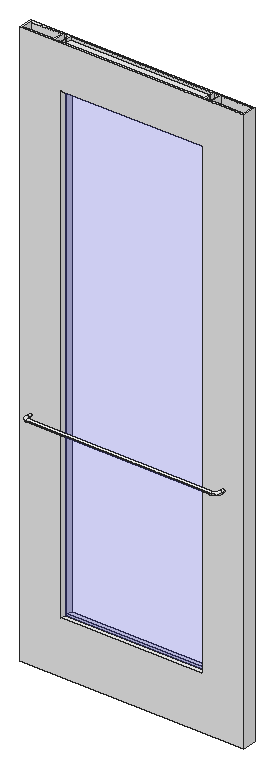
Revit family "kawneer-500_tuffline-sgl_20601", category Doors, Revit 2015
Parameters
  Width = 0"
  Water - Static (ASTM E 331) = "product not tested"
  URL = "http://www.kawneer.com/kawneer/north_america/en/product.asp?prod_id=1818"
  Type of Glazing = "monolithic, insulating"
  Type Comments = "Wide Stile Heavy Duty Swing Door"
  Thermal Transmittance = "n/a"
  Sub Category3 = ""
  Sub Category2 = ""
  Sub Category1 = ""
  Sightline = 0"
  Short Description = "Wide Stile Heavy Duty Swing Door"
  Product data url = "https://bimobject.com/kawneerna/product/20595"
  Panel Inserts Material = Glass
  Overall U-Factor = "product not tested"
  Model = "500 Tuffline® Entrance"
  Manufacturer Part Number = "500 Tuffline® Entrance"
  Manufacturer = "Kawneer"
  Keywords = "Entrance, Door, Swing Door, Heavy Wall, Heavy Duty"
  Hurricane Resistant Tested = "product not tested"
  Hinging Types = "Offset Pivot, Butt Hinge, Continuous Gear Hinge"
  Height [instance] = 84"
  Glazing Thickness = 0"
  Glass U-Factor = "product not tested"
  Glass Installtion = "outside, inside"
  Glass Capture = "Captured"
  Function (Interior or Exterior) = "Exterior"
  Function = Interior
  Finish = "any"
  Door Panel Material = Aluminum - ASTM B 221 - 6063-T6 alloy and temper
  Door Handle Material = Aluminum - ASTM B 221 - 6063-T6 alloy and temper
  Door Corner Construction = "Welded"
  Design Pressure = "n/a"
  Design Load = "n/a"
  Description = "The \"500 Tuffline\" wide stile heavy duty door offers durability in high abuse applications and is designed for  schools, universities, sports stadiums, and other high abuse areas."
  Depth = 0"
  Color = "any"
  Cladding Type = "n/a"
  CSI Masterformat Code = "08 41 13"
  Assembly Code = "B2030110"
  Application = "high traffic, high abuse"
  Air Infiltration (ASTM E 283) = "< 0.50 cfm/ft2  @ 6.24 psf (300 Pa), Single Doors"
  2-Color Option = "no"
Reference planes
  plane 1 "Center (Front/Back)": y = 0
  plane 2: z = 0
  plane 3 "Center (Left/Right)": x = -151.877
  plane 4: x = -571.877
  plane 5: x = 268.123
  plane 6 "Top": z = 2133.6
Text (mm)
  text "Exterior" at (-1161.5, 797.241, 0), in view "Ref. Level"
Dimensions and locks
  equal spacing: plane 4, plane 3 "Center (Left/Right)", plane 5
  "Height": plane 2 to plane 6 "Top"
  aligned and locked: plane 4 to nested 1
  aligned and locked: plane 5 to nested 1
  aligned and locked: nested 1 to plane 1 "Center (Front/Back)"
Nested families
  nested 1: "Kawneer-500_Tuffline-Sgl.rf" at (-462.233, -50, 0) x (-1, 0, 0) z (0, 0, 1), Height <- "Height", type "Kawneer-500_Tuffline-Sgl.rf"
    with Width 33.07087", Height 84", Door Handle Width 28.57087"
Definition of nested family "Kawneer-500_Tuffline-Sgl.rf"
  Parameters
    Width [instance] = 32"
    Water - static (ASTM E 331) = "product not tested"
    URL = "http://www.kawneer.com/kawneer/north_america/en/product.asp?prod_id=1818"
    Type of Glazing = "monolithic, insulating"
    Type Comments = "Wide Stile Heavy Duty Swing Door"
    Thermal transmittance = "n/a"
    Sub Category3 = ""
    Sub Category2 = ""
    Sub Category1 = ""
    Short Description = "Wide Stile Heavy Duty Swing Door"
    Panel Inserts Material = none
    Overall U-Factor = "product not tested"
    Model = "500 Tuffline® Entrance"
    Mfr Part Num = "500 Tuffline® Entrance"
    Manufacturer = "Kawneer"
    Keywords = "Entrance, Door, Swing Door, Heavy Wall, Heavy Duty"
    Hurricane Resistant Tested = "product not tested"
    Hinging Types = "Offset Pivot, Butt Hinge, Continuous Gear Hinge"
    Height [instance] = 84"
    Glass capture = "Captured"
    Glass U-Factor = "product not tested"
    Glass Installtion = "outside, inside"
    Function (Interior or Exterior) = "Exterior"
    Door Panel Material = none
    Door Hangle Material = none
    Door Hangle Height = 33 25/256"
    Door Handle Width [instance] = Width - (2 1/4" * 2)  # 27 1/2"
    Door Corner Construction = "Welded"
    Design load = "n/a"
    Design Pressure = "n/a"
    Description = "The \"500 Tuffline\" wide stile heavy duty door offers durability in high abuse applications and is designed for  schools, universities, sports stadiums, and other high abuse areas."
    Depth = 2"
    Color = "any"
    Cladding Type = "n/a"
    CSI Mastformat Code = "08 41 13"
    Assembly Code = "B2030110"
    Application = "high traffic, high abuse"
    Air Infiltration (ASTM E 283) = "< 0.50 cfm/ft2  @ 6.24 psf (300 Pa), Single Doors"
    2-Color Option = "no"
  Reference planes
    plane 1 "Center (Front/Back)": y = -50
    plane 2: z = 0
    plane 3 "Center (Left/Right)": x = -310.356
    plane 4: x = -716.756
    plane 5: x = 96.044
    plane 6: y = -24.6
    plane 7: y = -75.4
    plane 8: z = 2133.6
    plane 9: z = 840.68
    plane 10: x = -564.356
    plane 11: x = -56.356
    plane 12: x = -640.556
  Forms (mm)
    Sweep 1, solid, material <- "Door Panel Material"
      path origin (0, -50, 0) x (1, 0, 0) y (0, 0, 1)
        loop
          line (-716.756, 2133.6) -> (-716.756, 0)
      profile "TL500 Side : TL500 Side" origin (-716.756, -50, 1066.8) x (1, 0, 0) y (0, -1, 0)
        loop
          line (122, -20.4) -> (122, 20.439) -> (4.961, 20.439) -> (4.961, -20.4) -> (122, -20.4)
        loop
          line (152.4, 25.4) -> (0, 25.4) -> (0, -25.4) -> (152.4, -25.4) -> (152.4, -5.418) -> (147.439, -5.418) -> (147.439, -20.4) -> (127, -20.4) -> (127, 20.4) -> (147.439, 20.4) -> (147.439, 5.418) -> (152.4, 5.418) -> (152.4, 25.4)
    Sweep 2, solid, material <- "Door Panel Material"
      path origin (0, -50, 0) x (1, 0, 0) y (0, 0, 1)
        loop
          line (96.044, 2133.6) -> (96.044, 0)
      profile "TL500 Side : TL500 Side" origin (96.044, -50, 1066.8) x (1, 0, 0) y (0, -1, 0)
        loop
          line (-122, 20.4) -> (-122, -20.439) -> (-4.961, -20.439) -> (-4.961, 20.4) -> (-122, 20.4)
        loop
          line (-152.4, -25.4) -> (0, -25.4) -> (0, 25.4) -> (-152.4, 25.4) -> (-152.4, 5.418) -> (-147.439, 5.418) -> (-147.439, 20.4) -> (-127, 20.4) -> (-127, -20.4) -> (-147.439, -20.4) -> (-147.439, -5.418) -> (-152.4, -5.418) -> (-152.4, -25.4)
    Sweep 3, solid, material <- "Door Panel Material"
      path origin (0, -50, 0) x (1, 0, 0) y (0, 0, 1)
        loop
          line (-564.356, 2133.6) -> (-56.356, 2133.6)
      profile "TL500 Top : TL500 Top" origin (-310.356, -50, 2133.6) x (0, 0, 1) y (0, -1, 0)
        loop
          line (-122, 20.4) -> (-122, -20.439) -> (-15, -20.439) -> (-15, 20.4) -> (-122, 20.4)
        loop
          line (-127, -20.4) -> (-154.939, -20.4) -> (-154.939, -5.418) -> (-159.9, -5.418) -> (-159.9, -25.4) -> (0, -25.4) -> (0, -20.4) -> (-10, -20.4) -> (-10, 20.4) -> (0, 20.4) -> (0, 25.4) -> (-159.9, 25.4) -> (-159.9, 5.418) -> (-154.939, 5.418) -> (-154.939, 20.4) -> (-127, 20.4) -> (-127, -20.4)
    Sweep 4, solid, material <- "Door Panel Material"
      path origin (0, -50, 0) x (1, 0, 0) y (0, 0, 1)
        loop
          line (-564.356, 0) -> (-56.356, 0)
      profile "TL500 Bottom : TL500 Bottom" origin (-310.356, -50, 0) x (0, 0, 1) y (0, -1, 0)
        loop
          line (158.95, -20.4) -> (158.95, 20.439) -> (15, 20.439) -> (15, -20.4) -> (158.95, -20.4)
        loop
          line (163.95, 20.4) -> (191.889, 20.4) -> (191.889, 5.418) -> (196.85, 5.418) -> (196.85, 25.4) -> (0, 25.4) -> (0, 20.4) -> (10, 20.4) -> (10, -20.4) -> (0, -20.4) -> (0, -25.4) -> (196.85, -25.4) -> (196.85, -5.418) -> (191.889, -5.418) -> (191.889, -20.4) -> (163.95, -20.4) -> (163.95, 20.4)
    Extrusion 5, solid, material <- "Panel Inserts Material"
      sketch origin (0, 0, 0) x (1, 0, 0) y (0, 1, 0)
        loop
          line (-569.317, -44.582) -> (-569.317, -55.418) -> (-51.395, -55.418) -> (-51.395, -44.582) -> (-569.317, -44.582)
      from 191.889 to 1978.661
  Cuts and joins
    joined: Sweep 1, Sweep 2, Sweep 3, Sweep 4
  Dimensions and locks
    equal spacing: plane 4, plane 3 "Center (Left/Right)", plane 5
    equal spacing: plane 6, plane 1 "Center (Front/Back)", plane 7
    "Depth": plane 6 to plane 7
    "Width": plane 4 to plane 5
    "Height": plane 8 to level
    "Door Hangle Height": plane 9 to level
    locked: plane 4 to plane 10 at 152.4
    locked: plane 11 to plane 5 at 152.4
    locked: plane 4 to plane 12 at 76.2
    aligned and locked: plane 8 to Sweep 1 sketch curve
    aligned and locked: level to Sweep 1 sketch curve
    aligned and locked: plane 8 to Sweep 2 sketch curve
    aligned and locked: level to Sweep 2 sketch curve
    aligned and locked: plane 10 to Sweep 3 sketch curve
    aligned and locked: plane 11 to Sweep 3 sketch curve
    aligned and locked: plane 10 to Sweep 4 sketch curve
    aligned and locked: plane 11 to Sweep 4 sketch curve
    aligned and locked: plane 7 to nested 1
    aligned and locked: plane 12 to nested 1
    aligned and locked: plane 9 to nested 1
    aligned and locked: nested 2 to plane 6
    aligned and locked: nested 2 to plane 12
    aligned and locked: nested 2 to plane 9
    aligned and locked: Extrusion 5 sketch curve to cut or joined group of Sweep 1, Sweep 2, Sweep 3, Sweep 4  (x2)
    aligned and locked: cut or joined group of Sweep 1, Sweep 2, Sweep 3, Sweep 4 to Extrusion 5 sketch curve  (x2)
    aligned and locked: cut or joined group of Sweep 1, Sweep 2, Sweep 3, Sweep 4 to Extrusion 5  (x2)
  Automatic sketch dimensions
    Sweep 1 sketch curve to plane 4 = 0"
    Sweep 2 sketch curve to plane 5 = 0"
    Sweep 3 sketch curve to plane 8 = 0"
    Sweep 4 sketch curve to level = 0"
  Nested families
    nested 1: "Style CO 9 Pull" at (-678.591, -75.4, 612.08), type "Style CO 9 Pull"
    nested 2: "Style CP II Push Bar" at (-241.306, -24.6, 840.68), type "Style CP II Push Bar"
      with Width 27 1/2"
  Definition of nested family "Style CO 9 Pull"
    Parameters
      Width = 1.1811"
      Height = 9"
      Hangle Material = none
      Depth = 1.1811"
    Reference planes
      plane 1 "Center (Front/Back)": y = 0
      plane 2: z = 0
      plane 3 "Center (Left/Right)": x = 53.034
      plane 4: y = -30
      plane 5: x = 38.034
      plane 6: x = 68.034
      plane 7: x = 46.034
      plane 8 "Top": z = 228.6
      plane 9: x = 60.034
      plane 10: z = 220.6
      plane 11: z = 8
    Forms (mm)
      Sweep 1, solid, material <- "Hangle Material"
        path origin (0, 0, 0) x (1, 0, 0) y (0, 1, 0)
          loop
            line (38.034, 0) -> (38.034, -23)
            arc (38.034, -23) -> (40.085, -27.95) -> (45.034, -30) r 7
            line (45.034, -30) -> (60.034, -30)
        profile origin (38.034, -11.5, 0) x (1, 0, 0) y (0, 0, 1)
          loop
            circle (0, 0) r 5
      Sweep 2, solid, material <- "Hangle Material"
        path origin (0, 0, 228.6) x (-1, 0, 0) y (0, -1, 0)
          loop
            line (-38.034, 0) -> (-38.034, 23)
            arc (-38.034, 23) -> (-40.085, 27.95) -> (-45.034, 30) r 7
            line (-45.034, 30) -> (-60.034, 30)
        profile origin (38.034, -11.5, 228.6) x (1, 0, 0) y (0, 0, 1)
          loop
            circle (0, 0) r 5
      Sweep 3, solid, material <- "Hangle Material"
        path origin (-1540.712, -30, 1200) x (-1, 0, 0) y (0, 0, 1)
          loop
            arc (-1600.747, -1200) -> (-1606.404, -1197.657) -> (-1608.747, -1192) r 8
            line (-1608.747, -1192) -> (-1608.747, -979.4)
            arc (-1608.747, -979.4) -> (-1606.404, -973.743) -> (-1600.747, -971.4) r 8
        profile origin (68.034, -30, 114.3) x (1, 0, 0) y (0, 1, 0)
          loop
            circle (0, 0) r 5
    Cuts and joins
      joined: Sweep 1, Sweep 2, Sweep 3
    Dimensions and locks
      "Depth": plane 4 to plane 1 "Center (Front/Back)"
      equal spacing: plane 5, plane 3 "Center (Left/Right)", plane 6
      locked: plane 5 to plane 7 at 8
      "Width": plane 5 to plane 6
      "Height": plane 8 "Top" to level
      locked: plane 9 to plane 6 at 8
      locked: level to plane 11 at 8
      locked: plane 10 to plane 8 "Top" at 8
      aligned and locked: Sweep 1 sketch curve to plane 5
      aligned and locked: Sweep 1 sketch curve to plane 4
      aligned and locked: plane 1 "Center (Front/Back)" to Sweep 1 sketch curve
      aligned and locked: plane 9 to Sweep 1 sketch curve
      aligned and locked: Sweep 2 sketch curve to plane 5
      aligned and locked: Sweep 2 sketch curve to plane 4
      aligned and locked: plane 1 "Center (Front/Back)" to Sweep 2 sketch curve
      aligned and locked: plane 9 to Sweep 2 sketch curve
      aligned and locked: plane 6 to Sweep 3 sketch curve  (x2)
      aligned and locked: plane 10 to Sweep 3 sketch curve
      aligned and locked: plane 11 to Sweep 3 sketch curve
      aligned and locked: plane 9 to Sweep 3 sketch curve  (x2)
      aligned and locked: plane 8 "Top" to Sweep 3 sketch curve
      aligned and locked: level to Sweep 3 sketch curve
      aligned and locked: plane 4 to Sweep 3 sketch curve
    Automatic sketch dimensions
      Sweep 1 sketch curve to plane 7 = 0.03937"
      Sweep 1 sketch curve to level = 0"
      Sweep 1 sketch curve to profile plane = 0"
      Sweep 2 sketch curve to plane 7 = 0.03937"
      Sweep 2 sketch curve to plane 8 "Top" = 0"
      Sweep 2 sketch curve to profile plane = 0"
      radius of Sweep 1 sketch curve = 0.19685"
      radius of Sweep 2 sketch curve = 0.19685"
      radius of Sweep 3 sketch curve = 0.19685"
  Definition of nested family "Style CP II Push Bar"
    Parameters
      Width = 28"
      Hangle Material = none
      Depth = 1.1811"
    Reference planes
      plane 1 "Center (Front/Back)": y = 0
      plane 2: z = 0
      plane 3 "Center (Left/Right)": x = -50
      plane 4: x = -405.6
      plane 5: x = 305.6
      plane 6: y = -30
      plane 7: z = 0
    Forms (mm)
      Sweep 1, solid, material <- "Hangle Material"
        path origin (0, 0, 0) x (1, 0, 0) y (0, 1, 0)
          loop
            line (-405.6, 0) -> (-405.6, -15)
            arc (-405.6, -15) -> (-401.207, -25.607) -> (-390.6, -30) r 15
            line (-390.6, -30) -> (290.6, -30)
            arc (290.6, -30) -> (301.207, -25.607) -> (305.6, -15) r 15
            line (305.6, -15) -> (305.6, 0)
        profile origin (-50, -30, 0) x (0, 1, 0) y (0, 0, 1)
          loop
            circle (0, 0) r 5
    Dimensions and locks
      "Depth": plane 6 to plane 1 "Center (Front/Back)"
      equal spacing: plane 4, plane 3 "Center (Left/Right)", plane 5
      "Width": plane 4 to plane 5
      aligned and locked: Sweep 1 sketch curve to plane 5
      aligned and locked: plane 1 "Center (Front/Back)" to Sweep 1 sketch curve  (x2)
      aligned and locked: Sweep 1 sketch curve to plane 4
      aligned and locked: level to plane 7
    Automatic sketch dimensions
      Sweep 1 sketch curve to level = 0"
      Sweep 1 sketch curve to profile plane = 0"
      Sweep 1 sketch curve to plane 6 = 0"
      plane 4 to Sweep 1 sketch curve = 0.59055"
      plane 1 "Center (Front/Back)" to Sweep 1 sketch curve = 0.59055"
      radius of Sweep 1 sketch curve = 0.19685"
